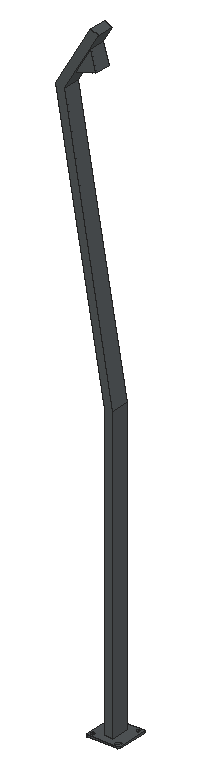
Revit family "Брейк", category Осветительные приборы, Revit 2019 (continued)
Types (3, lengths in mm): name | Файл фотометрической сетки | built-in parameter 1150105 | Lumens | built-in parameter 1150106 | built-in parameter 1150142 | Wattage | ADSK_Фактическая мощность | ADSK_Номинальная мощность | ADSK_Наименование | ADSK_Масса_Текст | ADSK_Масса | ADSK_Артикул | 60вт
    3 7.1 5.8 4.1\r\n325.0 294.5 270.0 255.8 250.1 249.8 248.8 245.9 241.0 236.3 232.4 229.3 225.9 221.6 217.4 214.0 212.2 210.5 208.4 205.2 201.8\r\n 198.1 194.5 190.9 188.2 185.9 183.8 180.9 177.7 175.3 174.4 174.6 174.0 171.4 166.5 161.0 156.3 153.3 151.4 150.2 149.1 147.6\r\n 145.3 141.9 138.0 134.1 130.8 128.1 126.1 124.8 124.3 124.4 124.2 122.8 120.4 117.8 116.3 115.9 115.9 115.4 114.3 112.7 110.5\r\n 107.5 103.6 99.5 95.9 93.5 91.5 89.0 85.2 79.7 72.7 64.9 56.7 48.5 40.4 32.9 26.3 20.8 16.7 13.9 12.1 11.0 10.2 9.4 8.5 7.6 6.6\r\n 5.7 5.6\r\n325.0 298.6 276.3 261.6 253.7 250.1 246.0 240.2 233.3 227.5 223.5 220.1 216.1 210.9 206.1 202.3 200.4 198.9 196.9 193.3 188.6\r\n 183.3 178.5 174.5 171.6 168.8 165.6 161.2 156.6 153.2 151.5 150.4 148.1 143.6 137.1 130.4 124.8 121.0 118.7 117.0 115.4 113.3\r\n 110.6 107.1 103.1 98.9 94.9 91.3 88.4 86.2 84.6 83.4 82.0 80.1 77.7 75.4 73.8 73.0 72.6 71.9 70.9 69.2 67.2 64.6 61.6 58.5 55.8\r\n 53.7 52.0 50.1 47.6 44.3 40.2 35.7 31.3 27.2 23.4 20.0 16.9 14.4 12.6 11.4 10.7 10.1 9.6 8.8 8.0 7.1 6.2 5.3 4.9\r\n325.0 301.5 281.0 266.5 256.9 250.5 243.1 234.2 225.3 218.6 214.8 211.7 207.9 202.2 196.5 191.7 189.4 188.0 186.5 182.8 177.4\r\n 170.7 164.7 159.8 156.2 152.5 147.9 142.1 136.5 132.2 129.8 127.6 124.2 118.5 111.6 104.4 98.7 94.8 92.4 90.8 89.4 87.6 85.4 82.7\r\n 79.3 75.5 71.4 67.5 64.2 61.7 59.5 57.5 55.3 53.1 50.8 48.8 47.2 46.2 45.4 44.6 43.5 42.0 40.2 38.3 36.3 34.3 32.5 31.0 29.6 28.4\r\n 26.9 25.3 23.2 21.0 18.8 16.9 15.2 13.8 12.6 11.6 10.9 10.4 10.1 9.7 9.2 8.5 7.7 6.8 6.0 4.9 2.4\r\n325.0 302.6 282.7 267.8 256.6 248.1 238.6 228.4 218.6 211.4 207.6 204.7 200.9 194.7 188.0 182.0 179.0 177.6 176.5 173.1 167.0\r\n 159.1 151.7 145.6 141.0 136.4 131.2 124.9 119.0 114.4 111.3 108.4 104.5 98.9 92.5 86.1 80.8 77.0 74.7 73.2 72.1 71.0 69.6 67.8\r\n 65.2 61.9 58.0 54.3 51.2 48.6 46.3 43.8 41.3 38.9 36.7 34.9 33.3 32.2 31.2 30.4 29.5 28.3 27.0 25.6 24.3 23.2 22.2 21.1 20.0 19.1\r\n 18.3 17.6 16.9 15.9 14.7 13.6 12.6 11.9 11.4 11.0 10.7 10.4 10.0 9.6 9.0 8.3 7.6 6.8 6.0 5.1 3.8\r\n325.0 301.4 280.3 263.9 250.8 240.8 231.0 221.7 212.8 206.0 201.9 198.8 195.2 189.0 181.6 174.3 169.8 167.7 166.3 162.7 156.3\r\n 147.8 139.5 132.5 126.9 121.9 116.8 111.3 106.0 101.7 98.3 95.0 91.1 86.3 81.1 76.0 71.5 67.9 65.4 63.8 62.8 62.1 61.1 59.8 57.7\r\n 54.9 51.4 48.0 45.1 42.7 40.4 37.8 35.2 32.8 30.8 29.0 27.6 26.4 25.4 24.6 23.9 23.2 22.3 21.4 20.6 20.0 19.5 18.8 18.1 17.5 17.2\r\n 17.1 16.9 16.5 15.6 14.6 13.6 12.8 12.3 11.9 11.5 10.9 10.3 9.6 9.0 8.3 7.6 6.9 6.3 5.8 5.7\r\n325.0 298.8 275.2 256.3 241.1 230.2 221.2 214.1 207.1 201.2 196.9 193.9 191.0 185.7 178.1 169.5 162.7 158.3 155.0 150.6 144.1\r\n 136.2 128.2 121.4 115.9 111.3 107.1 103.0 98.9 95.1 91.5 87.9 84.0 80.0 76.2 72.4 68.8 65.4 62.5 60.3 58.9 58.0 57.2 56.1 54.2\r\n 51.6 48.4 45.3 42.6 40.3 38.0 35.5 33.1 30.9 29.1 27.5 26.2 25.0 24.1 23.5 23.0 22.6 22.1 21.5 21.1 20.8 20.7 20.6 20.5 20.4 20.6\r\n 20.9 21.0 20.7 19.7 18.3 16.8 15.5 14.5 13.7 12.9 12.0 10.9 9.9 9.1 8.4 7.8 7.2 6.6 6.2 7.0\r\n325.0 295.1 268.2 246.8 229.9 218.3 210.1 204.9 199.8 195.0 191.1 189.0 187.6 184.0 177.0 167.1 157.2 149.2 143.0 137.1 130.8\r\n 124.2 118.1 113.0 108.7 105.2 102.3 99.4 96.4 93.0 89.3 85.5 81.7 78.3 75.4 72.6 69.5 66.1 62.9 60.2 58.2 56.9 56.0 54.9 53.2\r\n 50.7 47.6 44.6 41.9 39.5 37.3 35.1 33.1 31.3 29.8 28.4 27.3 26.4 25.6 25.0 24.7 24.6 24.4 24.1 23.9 24.1 24.6 25.3 26.1 26.8 27.4\r\n 27.9 27.9 27.3 25.7 23.5 21.2 19.2 17.5 16.1 14.8 13.3 11.8 10.3 9.2 8.4 7.9 7.4 6.9 6.2 5.6\r\n325.0 290.9 260.9 237.6 220.0 208.1 200.2 195.4 191.2 187.2 184.2 183.3 183.6 181.9 175.8 165.1 152.4 140.8 131.5 124.2 118.2\r\n 113.6 110.0 107.3 104.9 102.7 100.7 98.5 96.0 92.9 89.3 85.5 81.9 79.0 76.7 74.3 71.4 67.9 64.5 61.5 59.2 57.6 56.5 55.4 53.7\r\n 51.2 48.1 45.0 42.1 39.7 37.6 35.8 34.3 33.0 31.9 31.0 30.2 29.5 28.9 28.5 28.3 28.3 28.3 28.4 28.7 29.5 30.8 32.5 34.2 35.6 36.5\r\n 36.8 36.3 34.9 32.3 29.0 25.7 22.9 20.5 18.5 16.6 14.6 12.6 10.7 9.3 8.4 7.8 7.5 7.0 6.2 3.9\r\n325.0 287.6 255.2 230.5 212.8 200.7 192.5 186.9 182.5 178.9 176.8 176.7 178.0 177.3 172.2 161.4 147.3 133.3 121.9 113.8 108.4\r\n 105.4 104.2 103.5 102.8 101.6 100.2 98.2 95.7 92.7 89.2 85.8 82.7 80.4 78.6 76.4 73.5 69.8 66.3 63.3 61.1 59.5 58.1 56.8 54.9\r\n 52.4 49.3 46.0 42.8 40.4 38.4 37.1 36.2 35.5 34.9 34.4 33.9 33.4 32.9 32.6 32.5 32.7 33.1 33.8 34.9 36.5 38.7 41.3 43.6 45.2 46.0\r\n 45.7 44.4 41.8 38.0 33.5 29.3 25.6 22.8 20.4 18.1 15.6 13.2 11.0 9.3 8.3 7.7 7.4 7.1 6.7 5.1\r\n325.0 286.0 252.2 226.4 208.5 196.3 187.8 181.1 176.3 172.7 171.2 171.0 171.7 170.8 166.1 155.9 141.9 127.3 115.3 106.9 102.2\r\n 100.3 100.3 100.8 101.2 100.8 99.9 98.1 95.4 92.0 88.6 85.4 83.0 81.4 80.2 78.3 75.4 71.7 68.1 65.3 63.2 61.5 60.0 58.3 56.1 53.5\r\n 50.2 46.8 43.6 41.1 39.5 38.7 38.3 38.1 37.8 37.5 37.1 36.7 36.2 35.9 35.9 36.5 37.6 39.2 41.3 43.8 46.8 49.8 52.2 53.6 53.8 52.9\r\n 50.7 47.0 42.1 36.5 31.5 27.3 24.1 21.5 18.8 16.1 13.5 11.2 9.4 8.3 7.6 7.2 6.9 6.9 10.1\r\n325.0 286.4 252.3 225.6 207.1 194.3 185.1 177.7 172.9 169.9 168.7 167.4 166.3 163.8 158.9 149.4 136.4 122.4 110.8 102.7 98.5 97.0\r\n 97.4 98.2 99.1 99.5 99.4 97.9 95.2 91.3 87.5 84.4 82.6 81.7 81.0 79.5 76.7 73.1 69.5 66.7 64.6 62.9 61.1 59.0 56.6 53.7 50.4 47.0\r\n 43.7 41.4 40.2 40.0 40.1 40.1 39.9 39.4 38.8 38.2 37.7 37.4 37.7 38.8 40.7 43.4 46.5 50.0 53.5 56.6 58.7 59.5 59.2 57.7 54.8 50.3\r\n 44.5 38.2 32.5 28.0 24.5 21.5 18.7 16.0 13.4 11.2 9.6 8.5 7.7 7.0 6.5 6.4 6.4\r\n325.0 287.9 254.4 227.3 207.7 193.6 183.4 175.7 171.6 169.6 168.5 166.1 162.9 158.6 152.8 143.6 131.6 118.6 107.8 100.2 96.2 94.6\r\n 94.9 95.6 96.7 97.7 98.3 97.4 94.8 90.5 86.5 83.4 82.0 81.4 80.9 79.6 77.0 73.4 69.8 66.9 64.8 63.1 61.2 58.9 56.2 53.1 49.7 46.3\r\n 43.3 41.4 40.7 40.9 41.2 41.1 40.6 39.8 38.8 38.0 37.4 37.3 37.9 39.6 42.3 45.8 49.7 53.9 57.8 60.9 62.7 63.1 62.4 60.7 57.4 52.4\r\n 46.0 39.1 32.9 28.0 24.1 20.9 18.0 15.3 13.0 11.2 9.8 8.7 7.8 6.9 6.1 5.1 3.4\r\n325.0 289.9 257.8 231.1 210.4 194.5 182.5 174.5 171.0 170.0 168.9 165.7 161.1 155.6 148.9 139.4 127.9 115.9 105.9 98.8 94.8 93.2\r\n 93.1 93.6 94.5 95.5 96.4 95.9 93.5 89.4 85.5 82.8 81.7 81.1 80.5 79.0 76.4 72.9 69.2 66.1 63.9 62.1 60.2 57.8 55.0 51.8 48.4 45.1\r\n 42.5 41.1 40.8 41.3 41.5 41.2 40.3 39.1 37.8 36.8 36.2 36.3 37.4 39.5 42.6 46.5 50.9 55.4 59.6 62.9 64.8 65.2 64.4 62.5 58.9 53.5\r\n 46.7 39.5 33.0 27.7 23.5 20.0 17.0 14.5 12.5 11.1 9.9 9.0 7.9 6.8 5.7 4.6 2.3\r\n325.0 291.3 261.2 236.1 215.4 197.8 183.6 174.5 170.9 169.9 168.6 165.4 160.8 155.3 148.2 138.6 127.2 115.6 105.9 98.9 94.8 93.1\r\n 92.8 93.0 93.3 93.8 94.2 93.6 91.5 88.0 84.8 82.7 81.8 81.1 80.1 78.3 75.6 72.0 68.3 65.0 62.6 60.7 58.8 56.4 53.5 50.4 47.1 44.2\r\n 42.0 41.0 41.0 41.4 41.5 41.0 39.8 38.5 37.1 36.1 35.7 36.0 37.2 39.3 42.4 46.2 50.5 55.1 59.5 63.1 65.2 65.9 65.2 63.1 59.4 53.8\r\n 46.8 39.5 33.0 27.4 23.0 19.4 16.4 14.1 12.3 11.1 10.1 9.2 8.1 6.9 5.7 4.5 4.3\r\n" | 22.2159 W | 29 W | 30 W | "ДТУ159с1 Светодиодный светильник Брейк ДТУ-159-AF-30Вт-4.5" | "41" | 41 | "ДТУ159с1" | no
